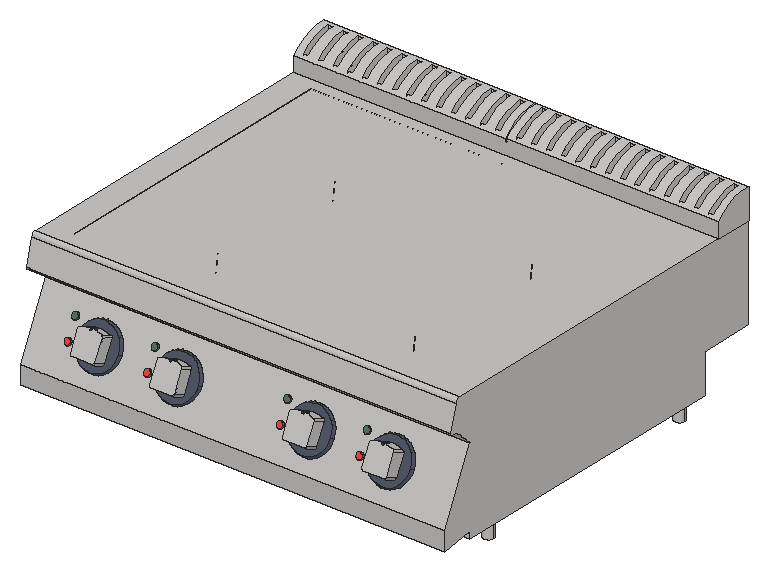
Revit family "QF_ZANUSSI_372176_Z7INEH400P", category Specialty Equipment, Revit 2018
Family settings
  Round Connector Dimension = Use Diameter
  Part Type = Normal
  Work Plane-Based = No
  Always vertical = Yes
  Cut with Voids When Loaded = No
  Shared = No
  Room Calculation Point = No
Parameters
  Width = 800 mm  # constant formula
  Weight in Pounds = 88  # constant formula
  Weight = 0.00 kg
  Watts = 20000 W  # constant formula
  Volts = 400 V  # constant formula
  URL Manufacturer = "http://www.zanussiprofessional.com"
  URL Cutsheet = "www.electrolux.com/foodservice"
  URL = "http://www.zanussiprofessional.com"
  Type Mark [instance] = ""
  Steam Supply Size = 0"
  Steam Supply Minimum Pressure = 0.00 psi
  Steam Supply Maximum Pressure = 0.00 psi
  Steam Pounds per Hour = 0
  Status [instance] = ""
  Specification by User [instance] = ""
  Specification by Manufacturer = ""
  Show Logo [instance] = yes
  Show Clearance [instance] = yes
  Serial Number = ""
  Seismic Rating = ""
  SMACNA No = ""
  Revision Code [instance] = ""
  Refrigeration Suction Line Size = 0"
  Refrigeration Liquid Line Size = 0"
  Refrigerant Compressor Remote = yes
  Phase = 3  # constant formula
  Omniclass Number and Title = ""
  Number of Poles [instance] = 1
  NAFEM Spec ID Number = ""
  Model = "Z7INEH400P"
  Min Ckt Ampacity = 0 A
  Max Overcurrent Protection = 0 A
  Masterspec = ""
  Manufacturer = "Zanussi"
  Length Actual = 800 mm  # constant formula
  Item Number [instance] = "372176"
  Installed By [instance] = ""
  Identify Quantity as Lot [instance] = yes
  Hot Water Size = 0"
  Height Actual = 250 mm  # constant formula
  Height = 332 mm  # constant formula
  HP = "26.8 HP"
  Gas Size = 0"
  Gas KW = 0
  Gas Input = 0.0 Btu/h
  Furnished By [instance] = ""
  Foodservice Equipment Identifier [instance] = yes
  FL Amps = if(Phase = 3, Watts / (Volts * 1.73), Watts / Volts)  # 28.9017 A
  Electrical Remarks [instance] = "400 V/3 ph/50/60 Hz"  # constant formula
  Electric Connection Type [instance] = ""
  Elec Conn RI Height [instance] = 0 mm
  Elec Conn Connection Height [instance] = 0 mm
  Direct Waste Size = 0"
  Description = "ELECTRIC INDUCTION COOKING TOP HP 800 MM"
  Depth Actual = 700 mm  # constant formula
  Depth = 715 mm  # constant formula
  Cycle = if([60 Hertz Option], 60 Hz, 50 Hz)  # 60 Hz
  Conn Plug = ""
  Conn Conduit = yes
  Condensate Return Size = 0"
  Compressed Air Volume = 0 GPM
  Compressed Air Size = 0"
  Compressed Air Pressure = 0.00 psi
  Cold Water Size = 0"
  CSI MasterFormat = ""
  CSI Master Format = ""
  Base Height [instance] = 24 mm  # constant formula
  Apparent Power = if(Phase = 3, Volts * FL Amps * 1.73, Volts * FL Amps)  # 20000 VA
  Accessory = yes
  60 Hertz Option = not([50 Hertz Option])  # yes
  50 Hertz Option = no
Reference planes
  plane 1 "BACK": y = 0
  plane 2: z = 0
  plane 3 "LEFT": x = 0
  plane 4 "RIGHT": x = 800
  plane 5 "FRONT": y = -715
  plane 6 "TOP": z = 332
  plane 7 "Center Y": x = 400
  plane 8 "Center X": y = -357.5
  plane 9 "BASE": z = 24
  plane 10 "TOP A": z = 274
  plane 11: y = -597.884
  plane 12: y = -147.637
Forms (mm)
  Extrusion 1, solid, material "QF_Finishes_Stainless Steel"
    sketch origin (0, 0, 0) x (0, 1, 0) y (0, 0, 1)
      loop
        line (0, 98) -> (0, 274.763) -> (-679.358, 274.763)
        arc (-679.358, 274.763) -> (-684.643, 272.573) -> (-686.833, 267.288) r 7.474
        line (-686.833, 267.288) -> (-699.884, 221.773)
        arc (-699.884, 221.773) -> (-699.396, 219.141) -> (-697, 217.946) r 3
        line (-697, 217.946) -> (-686.802, 217.946) -> (-654.982, 186.127) -> (-715, 64.508) -> (-715, 29.508) -> (-658.645, 37.428)
        arc (-658.645, 37.428) -> (-656.101, 36.674) -> (-655, 34.259) r 3.2
        line (-655, 34.259) -> (-655, 24) -> (-103, 24) -> (-103, 98) -> (0, 98)
    from 0 to 800
  Extrusion 2, void
    sketch origin (0, 0, 274) x (-1, 0, 0) y (0, -1, 0)
      loop
        line (-50, 93.262) -> (-50, 653.262) -> (-750, 653.262) -> (-750, 93.262) -> (-50, 93.262)
    from 0 to -6.35
  Extrusion 3, solid, material "QF_Finishes_Stainless Steel"
    sketch origin (0, 0, 0) x (1, 0, 0) y (0, 1, 0)
      loop
        circle (11.112, -147.638) r 9.525
      loop
        circle (11.112, -597.884) r 9.525
      loop
        circle (788.887, -147.638) r 9.525
      loop
        circle (788.887, -597.884) r 9.525
    from 0 to 24
  Extrusion 4, solid, material "QF_Finishes_Stainless Steel"
    sketch origin (0, -101.6, 101.788) x (0, 0, -1) y (-1, 0, 0)
      loop
        circle (43.882, -736.5) r 12.7
    from 0 to 12.7
  Extrusion 5, solid, material "QF_Finishes_Clearance", visible <- "Show Clearance", detail levels coarse
    sketch origin (0, 0, 0) x (1, 0, 0) y (0, 1, 0)
      loop
        line (0, -715) -> (0, 0) -> (800, 0) -> (800, -715) -> (950.019, -715) -> (950.019, 150.019) -> (-150.019, 150.019) -> (-150.019, -715) -> (0, -715)
    from 0 to 332
  Extrusion 6, solid, material "QF_Finishes_Stainless Steel"
    sketch origin (0, 0, -577) x (0, 1, 0) y (0, 0, 1)
      loop
        line (0, 851) -> (0, 909)
        arc (0, 909) -> (-38.078, 901.641) -> (-69.85, 879.4) r 93.057
        line (-69.85, 879.4) -> (-69.85, 851) -> (0, 851)
    from 0 to 800.1
  Extrusion 7, void
    sketch origin (744.415, 0, 273.238) x (1, 0, 0) y (0, 1, 0)
      loop
        line (42.232, -6.761) -> (32.936, -6.761) -> (32.936, -63.911) -> (42.232, -63.911) -> (42.232, -6.761)
      loop
        line (14.389, -6.761) -> (5.094, -6.761) -> (5.094, -63.911) -> (14.389, -63.911) -> (14.389, -6.761)
      loop
        line (-13.453, -6.761) -> (-22.749, -6.761) -> (-22.749, -63.911) -> (-13.453, -63.911) -> (-13.453, -6.761)
      loop
        line (-41.295, -6.761) -> (-50.591, -6.761) -> (-50.591, -63.911) -> (-41.295, -63.911) -> (-41.295, -6.761)
      loop
        line (-69.137, -6.761) -> (-78.433, -6.761) -> (-78.433, -63.911) -> (-69.137, -63.911) -> (-69.137, -6.761)
      loop
        line (-96.98, -6.761) -> (-106.275, -6.761) -> (-106.275, -63.911) -> (-96.98, -63.911) -> (-96.98, -6.761)
      loop
        line (-124.822, -6.761) -> (-134.118, -6.761) -> (-134.118, -63.911) -> (-124.822, -63.911) -> (-124.822, -6.761)
      loop
        line (-152.664, -6.761) -> (-161.96, -6.761) -> (-161.96, -63.911) -> (-152.664, -63.911) -> (-152.664, -6.761)
      loop
        line (-180.507, -6.761) -> (-189.802, -6.761) -> (-189.802, -63.911) -> (-180.507, -63.911) -> (-180.507, -6.761)
      loop
        line (-208.349, -6.761) -> (-217.645, -6.761) -> (-217.645, -63.911) -> (-208.349, -63.911) -> (-208.349, -6.761)
      loop
        line (-236.191, -6.761) -> (-245.487, -6.761) -> (-245.487, -63.911) -> (-236.191, -63.911) -> (-236.191, -6.761)
      loop
        line (-264.034, -6.761) -> (-273.329, -6.761) -> (-273.329, -63.911) -> (-264.034, -63.911) -> (-264.034, -6.761)
      loop
        line (-359.717, -6.761) -> (-369.013, -6.761) -> (-369.013, -63.911) -> (-359.717, -63.911) -> (-359.717, -6.761)
      loop
        line (-387.559, -6.761) -> (-396.855, -6.761) -> (-396.855, -63.911) -> (-387.559, -63.911) -> (-387.559, -6.761)
      loop
        line (-415.401, -6.761) -> (-424.697, -6.761) -> (-424.697, -63.911) -> (-415.401, -63.911) -> (-415.401, -6.761)
      loop
        line (-443.244, -6.761) -> (-452.539, -6.761) -> (-452.539, -63.911) -> (-443.244, -63.911) -> (-443.244, -6.761)
      loop
        line (-471.086, -6.761) -> (-480.382, -6.761) -> (-480.382, -63.911) -> (-471.086, -63.911) -> (-471.086, -6.761)
      loop
        line (-498.928, -6.761) -> (-508.224, -6.761) -> (-508.224, -63.911) -> (-498.928, -63.911) -> (-498.928, -6.761)
      loop
        line (-526.771, -6.761) -> (-536.066, -6.761) -> (-536.066, -63.911) -> (-526.771, -63.911) -> (-526.771, -6.761)
      loop
        line (-554.613, -6.761) -> (-563.909, -6.761) -> (-563.909, -63.911) -> (-554.613, -63.911) -> (-554.613, -6.761)
      loop
        line (-582.455, -6.761) -> (-591.751, -6.761) -> (-591.751, -63.911) -> (-582.455, -63.911) -> (-582.455, -6.761)
      loop
        line (-610.298, -6.761) -> (-619.593, -6.761) -> (-619.593, -63.911) -> (-610.298, -63.911) -> (-610.298, -6.761)
      loop
        line (-638.14, -6.761) -> (-647.436, -6.761) -> (-647.436, -63.911) -> (-638.14, -63.911) -> (-638.14, -6.761)
      loop
        line (-665.982, -6.761) -> (-675.278, -6.761) -> (-675.278, -63.911) -> (-665.982, -63.911) -> (-665.982, -6.761)
      loop
        line (-693.825, -6.761) -> (-703.12, -6.761) -> (-703.12, -63.911) -> (-693.825, -63.911) -> (-693.825, -6.761)
      loop
        line (-721.667, -6.761) -> (-730.963, -6.761) -> (-730.963, -63.911) -> (-721.667, -63.911) -> (-721.667, -6.761)
      loop
        line (-291.876, -6.761) -> (-301.172, -6.761) -> (-301.172, -63.911) -> (-291.876, -63.911) -> (-291.876, -6.761)
      loop
        line (-319.718, -6.761) -> (-329.014, -6.761) -> (-329.014, -63.911) -> (-319.718, -63.911) -> (-319.718, -6.761)
    from 25.4 to 63.5
  Extrusion 8, void
    sketch origin (418.151, 0, 273.238) x (1, 0, 0) y (0, 1, 0)
      loop
        line (-16.513, 0) -> (-19.688, 0) -> (-19.688, -69.85) -> (-16.513, -69.85) -> (-16.513, 0)
    from 25.4 to 63.5
  Blend 9, solid, material "QF_Finishes_Navy Blue"
    base sketch origin (125, -684.991, 125.317) x (1, 0, 0) y (0, 0.444781, 0.895639)
      loop
        circle (0, 0) r 42.5
    top sketch origin (125, -684.991, 125.317) x (1, 0, 0) y (0, 0.444781, 0.895639)
      loop
        circle (0, 0) r 40.5
    from 0 to 5
  Extrusion 10, solid, material "QF_Finishes_Stainless Steel"
    sketch origin (125, -684.991, 125.317) x (1, 0, 0) y (0, 0.444781, 0.895639)
      loop
        arc (-21.147, 22.789) -> (-22.494, 21.685) -> (-23, 20.019) r 2.997
        line (-23, 20.019) -> (-23, -20.019)
        arc (-23, -20.019) -> (-22.122, -22.138) -> (-20.003, -23.016) r 2.997
        line (-20.003, -23.016) -> (20.003, -23.016)
        arc (20.003, -23.016) -> (22.122, -22.138) -> (23, -20.019) r 2.997
        line (23, -20.019) -> (23, 20.019)
        arc (23, 20.019) -> (22.494, 21.685) -> (21.147, 22.789) r 2.997
        arc (21.147, 22.789) -> (0, 26.984) -> (-21.147, 22.789) r 55.4
    from 10 to 34
  Extrusion 11, solid, material "QF_Plastic-Black-Matte"
    sketch origin (205, -684.991, 125.317) x (0, 0.444781, 0.895639) y (0, -0.895639, 0.444781)
      loop
        line (26.984, 34) -> (26.984, 19) -> (27.984, 19) -> (27.984, 34)
        arc (27.984, 34) -> (27.691, 34.707) -> (26.984, 35) r 1
        line (26.984, 35) -> (23.984, 35) -> (23.984, 34) -> (26.984, 34)
    from -81 to -79
  Extrusion 12, solid, material "QF_Finishes_Red"
    sketch origin (125, -689.439, 116.361) x (1, 0, 0) y (0, 0.444781, 0.895639)
      loop
        circle (-55.001, 0) r 6
    from 0 to 1.6
  Extrusion 13, solid, material "QF_Finishes_Stainless Steel"
    sketch origin (125, -684.991, 125.317) x (1, 0, 0) y (0, 0.444781, 0.895639)
      loop
        line (17.5, 17.5) -> (-17.5, 17.5) -> (-17.5, -17.5) -> (17.5, -17.5) -> (17.5, 17.5)
    from 5 to 10
  Blend 14, solid, material "QF_Finishes_Navy Blue"
    base sketch origin (275, -684.991, 125.317) x (1, 0, 0) y (0, 0.444781, 0.895639)
      loop
        circle (0, 0) r 42.5
    top sketch origin (275, -684.991, 125.317) x (1, 0, 0) y (0, 0.444781, 0.895639)
      loop
        circle (0, 0) r 40.5
    from 0 to 5
  Extrusion 15, solid, material "QF_Finishes_Stainless Steel"
    sketch origin (275, -684.991, 125.317) x (1, 0, 0) y (0, 0.444781, 0.895639)
      loop
        arc (-21.147, 22.789) -> (-22.494, 21.685) -> (-23, 20.019) r 2.997
        line (-23, 20.019) -> (-23, -20.019)
        arc (-23, -20.019) -> (-22.122, -22.138) -> (-20.003, -23.016) r 2.997
        line (-20.003, -23.016) -> (20.003, -23.016)
        arc (20.003, -23.016) -> (22.122, -22.138) -> (23, -20.019) r 2.997
        line (23, -20.019) -> (23, 20.019)
        arc (23, 20.019) -> (22.494, 21.685) -> (21.147, 22.789) r 2.997
        arc (21.147, 22.789) -> (0, 26.984) -> (-21.147, 22.789) r 55.4
    from 10 to 34
  Extrusion 16, solid, material "QF_Finishes_Stainless Steel"
    sketch origin (275, -684.991, 125.317) x (1, 0, 0) y (0, 0.444781, 0.895639)
      loop
        line (17.5, 17.5) -> (-17.5, 17.5) -> (-17.5, -17.5) -> (17.5, -17.5) -> (17.5, 17.5)
    from 5 to 10
  Extrusion 17, solid, material "QF_Plastic-Black-Matte"
    sketch origin (195, -684.991, 125.317) x (0, 0.444781, 0.895639) y (0, 0.895639, -0.444781)
      loop
        line (26.984, -34) -> (23.984, -34) -> (23.984, -35) -> (26.984, -35)
        arc (26.984, -35) -> (27.691, -34.707) -> (27.984, -34) r 1
        line (27.984, -34) -> (27.984, -19) -> (26.984, -19) -> (26.984, -34)
    from -81 to -79
  Extrusion 18, solid, material "QF_Finishes_DarkGreen"
    sketch origin (125, -671.648, 152.187) x (1, 0, 0) y (0, 0.444781, 0.895639)
      loop
        circle (-55.001, 0) r 6
    from 0 to 1.6
  Extrusion 19, solid, material "QF_Finishes_Red"
    sketch origin (275, -689.439, 116.361) x (1, 0, 0) y (0, 0.444781, 0.895639)
      loop
        circle (-55.001, 0) r 6
    from 0 to 1.6
  Extrusion 20, solid, material "QF_Finishes_DarkGreen"
    sketch origin (275, -671.648, 152.187) x (1, 0, 0) y (0, 0.444781, 0.895639)
      loop
        circle (-55.001, 0) r 6
    from 0 to 1.6
  Blend 21, solid, material "QF_Finishes_Navy Blue"
    base sketch origin (525, -684.991, 125.317) x (1, 0, 0) y (0, 0.444781, 0.895639)
      loop
        circle (0, 0) r 42.5
    top sketch origin (525, -684.991, 125.317) x (1, 0, 0) y (0, 0.444781, 0.895639)
      loop
        circle (0, 0) r 40.5
    from 0 to 5
  Extrusion 22, solid, material "QF_Finishes_Stainless Steel"
    sketch origin (525, -684.991, 125.317) x (1, 0, 0) y (0, 0.444781, 0.895639)
      loop
        arc (-21.147, 22.789) -> (-22.494, 21.685) -> (-23, 20.019) r 2.997
        line (-23, 20.019) -> (-23, -20.019)
        arc (-23, -20.019) -> (-22.122, -22.138) -> (-20.003, -23.016) r 2.997
        line (-20.003, -23.016) -> (20.003, -23.016)
        arc (20.003, -23.016) -> (22.122, -22.138) -> (23, -20.019) r 2.997
        line (23, -20.019) -> (23, 20.019)
        arc (23, 20.019) -> (22.494, 21.685) -> (21.147, 22.789) r 2.997
        arc (21.147, 22.789) -> (0, 26.984) -> (-21.147, 22.789) r 55.4
    from 10 to 34
  Extrusion 23, solid, material "QF_Plastic-Black-Matte"
    sketch origin (605, -684.991, 125.317) x (0, 0.444781, 0.895639) y (0, -0.895639, 0.444781)
      loop
        line (26.984, 34) -> (26.984, 19) -> (27.984, 19) -> (27.984, 34)
        arc (27.984, 34) -> (27.691, 34.707) -> (26.984, 35) r 1
        line (26.984, 35) -> (23.984, 35) -> (23.984, 34) -> (26.984, 34)
    from -81 to -79
  Extrusion 24, solid, material "QF_Finishes_Red"
    sketch origin (525, -689.439, 116.361) x (1, 0, 0) y (0, 0.444781, 0.895639)
      loop
        circle (-55.001, 0) r 6
    from 0 to 1.6
  Extrusion 25, solid, material "QF_Finishes_Stainless Steel"
    sketch origin (525, -684.991, 125.317) x (1, 0, 0) y (0, 0.444781, 0.895639)
      loop
        line (17.5, 17.5) -> (-17.5, 17.5) -> (-17.5, -17.5) -> (17.5, -17.5) -> (17.5, 17.5)
    from 5 to 10
  Blend 26, solid, material "QF_Finishes_Navy Blue"
    base sketch origin (675, -684.991, 125.317) x (1, 0, 0) y (0, 0.444781, 0.895639)
      loop
        circle (0, 0) r 42.5
    top sketch origin (675, -684.991, 125.317) x (1, 0, 0) y (0, 0.444781, 0.895639)
      loop
        circle (0, 0) r 40.5
    from 0 to 5
  Extrusion 27, solid, material "QF_Finishes_Stainless Steel"
    sketch origin (675, -684.991, 125.317) x (1, 0, 0) y (0, 0.444781, 0.895639)
      loop
        arc (-21.147, 22.789) -> (-22.494, 21.685) -> (-23, 20.019) r 2.997
        line (-23, 20.019) -> (-23, -20.019)
        arc (-23, -20.019) -> (-22.122, -22.138) -> (-20.003, -23.016) r 2.997
        line (-20.003, -23.016) -> (20.003, -23.016)
        arc (20.003, -23.016) -> (22.122, -22.138) -> (23, -20.019) r 2.997
        line (23, -20.019) -> (23, 20.019)
        arc (23, 20.019) -> (22.494, 21.685) -> (21.147, 22.789) r 2.997
        arc (21.147, 22.789) -> (0, 26.984) -> (-21.147, 22.789) r 55.4
    from 10 to 34
  Extrusion 28, solid, material "QF_Finishes_Stainless Steel"
    sketch origin (675, -684.991, 125.317) x (1, 0, 0) y (0, 0.444781, 0.895639)
      loop
        line (17.5, 17.5) -> (-17.5, 17.5) -> (-17.5, -17.5) -> (17.5, -17.5) -> (17.5, 17.5)
    from 5 to 10
  Extrusion 29, solid, material "QF_Plastic-Black-Matte"
    sketch origin (595, -684.991, 125.317) x (0, 0.444781, 0.895639) y (0, 0.895639, -0.444781)
      loop
        line (26.984, -34) -> (23.984, -34) -> (23.984, -35) -> (26.984, -35)
        arc (26.984, -35) -> (27.691, -34.707) -> (27.984, -34) r 1
        line (27.984, -34) -> (27.984, -19) -> (26.984, -19) -> (26.984, -34)
    from -81 to -79
  Extrusion 30, solid, material "QF_Finishes_DarkGreen"
    sketch origin (525, -671.648, 152.187) x (1, 0, 0) y (0, 0.444781, 0.895639)
      loop
        circle (-55.001, 0) r 6
    from 0 to 1.6
  Extrusion 31, solid, material "QF_Finishes_Red"
    sketch origin (675, -689.439, 116.361) x (1, 0, 0) y (0, 0.444781, 0.895639)
      loop
        circle (-55.001, 0) r 6
    from 0 to 1.6
  Extrusion 32, solid, material "QF_Finishes_DarkGreen"
    sketch origin (675, -671.648, 152.187) x (1, 0, 0) y (0, 0.444781, 0.895639)
      loop
        circle (-55.001, 0) r 6
    from 0 to 1.6
Cuts and joins
  Extrusion 2, Extrusion 7, Extrusion 8 cuts Extrusion 1
  Extrusion 7 cuts Extrusion 5
  Extrusion 7, Extrusion 8 cuts Extrusion 6
Lines and regions (mm)
  Split face 1
    outline origin (125.901, -689.469, 127.541) x (1, 0, 0) y (0, 0.444781, 0.895639)
      loop
        line (-8.901, 38.561) -> (-8.901, 28.561) -> (-2.901, 28.561) -> (-2.901, 38.561) -> (-8.901, 38.561)
  Split face 2
    outline origin (125.901, -689.469, 127.541) x (1, 0, 0) y (0, 0.444781, 0.895639)
      loop
        line (-8.401, 38.061) -> (-8.401, 29.061) -> (-3.401, 29.061) -> (-3.401, 38.061) -> (-8.401, 38.061)
  Split face 3
    outline origin (125.901, -689.469, 127.541) x (1, 0, 0) y (0, 0.444781, 0.895639)
      loop
        line (-8.401, 34.061) -> (-3.401, 34.061)
  Split face 4
    outline origin (125.901, -689.469, 127.541) x (1, 0, 0) y (0, 0.444781, 0.895639)
      loop
        line (-8.401, 33.561) -> (-3.401, 33.561)
  Split face 5
    outline origin (125.901, -689.469, 127.541) x (1, 0, 0) y (0, 0.444781, 0.895639)
      loop
        circle (-5.901, 31.311) r 2.029
  Split face 6
    outline origin (126.664, -684.796, 136.951) x (1, 0, 0) y (0, 0.444781, 0.895639)
      loop
        circle (-34, 0) r 1.5
  Split face 7
    outline origin (123.297, -687.581, 131.344) x (1, 0, 0) y (0, 0.444781, 0.895639)
      loop
        circle (-30.633, -14.752) r 1.5
  Split face 8
    outline origin (126.214, -689.88, 126.713) x (1, 0, 0) y (0, 0.444781, 0.895639)
      loop
        circle (-21.199, -26.582) r 1.5
  Split face 9
    outline origin (132.566, -689.848, 126.778) x (1, 0, 0) y (0, 0.444781, 0.895639)
      loop
        circle (-7.566, -33.148) r 1.5
  Split face 10
    outline origin (137.419, -686.96, 132.594) x (1, 0, 0) y (0, 0.444781, 0.895639)
      loop
        circle (7.566, -33.148) r 1.5
  Split face 11
    outline origin (136.137, -682.319, 141.939) x (1, 0, 0) y (0, 0.444781, 0.895639)
      loop
        circle (21.199, -26.582) r 1.5
  Split face 12
    outline origin (126.5, -678.264, 150.105) x (1, 0, 0) y (0, 0.444781, 0.895639)
      loop
        circle (30.633, -14.752) r 1.5
  Split face 13
    outline origin (110.985, -677.235, 152.177) x (1, 0, 0) y (0, 0.444781, 0.895639)
      loop
        circle (34, 0) r 1.5
  Split face 14
    outline origin (126.214, -689.058, 128.369) x (1, 0, 0) y (0, 0.444781, 0.895639)
      loop
        circle (-21.199, 26.582) r 1.5
  Split face 15
    outline origin (276.664, -684.796, 136.951) x (1, 0, 0) y (0, 0.444781, 0.895639)
      loop
        circle (-34, 0) r 1.5
  Split face 16
    outline origin (273.297, -687.581, 131.344) x (1, 0, 0) y (0, 0.444781, 0.895639)
      loop
        circle (-30.633, -14.752) r 1.5
  Split face 17
    outline origin (276.214, -689.88, 126.713) x (1, 0, 0) y (0, 0.444781, 0.895639)
      loop
        circle (-21.199, -26.582) r 1.5
  Split face 18
    outline origin (282.566, -689.848, 126.778) x (1, 0, 0) y (0, 0.444781, 0.895639)
      loop
        circle (-7.566, -33.148) r 1.5
  Split face 19
    outline origin (287.419, -686.96, 132.594) x (1, 0, 0) y (0, 0.444781, 0.895639)
      loop
        circle (7.566, -33.148) r 1.5
  Split face 20
    outline origin (286.137, -682.319, 141.939) x (1, 0, 0) y (0, 0.444781, 0.895639)
      loop
        circle (21.199, -26.582) r 1.5
  Split face 21
    outline origin (276.703, -678.235, 150.164) x (1, 0, 0) y (0, 0.444781, 0.895639)
      loop
        circle (30.633, -14.752) r 1.5
  Split face 22
    outline origin (260.985, -677.235, 152.177) x (1, 0, 0) y (0, 0.444781, 0.895639)
      loop
        circle (34, 0) r 1.5
  Split face 23
    outline origin (276.214, -689.058, 128.369) x (1, 0, 0) y (0, 0.444781, 0.895639)
      loop
        circle (-21.199, 26.582) r 1.5
  Split face 24
    outline origin (269, -689.469, 127.541) x (1, 0, 0) y (0, 0.444781, 0.895639)
      loop
        line (-3, 38.561) -> (-3, 28.561) -> (3, 28.561) -> (3, 38.561) -> (-3, 38.561)
  Split face 25
    outline origin (269, -689.469, 127.541) x (1, 0, 0) y (0, 0.444781, 0.895639)
      loop
        line (-2.5, 38.061) -> (-2.5, 29.061) -> (2.5, 29.061) -> (2.5, 38.061) -> (-2.5, 38.061)
  Split face 26
    outline origin (269, -689.469, 127.541) x (1, 0, 0) y (0, 0.444781, 0.895639)
      loop
        line (-2.5, 33.561) -> (2.5, 33.561)
  Split face 27
    outline origin (269, -689.469, 127.541) x (1, 0, 0) y (0, 0.444781, 0.895639)
      loop
        line (-2.5, 33.061) -> (2.5, 33.061)
  Split face 28
    outline origin (269, -689.469, 127.541) x (1, 0, 0) y (0, 0.444781, 0.895639)
      loop
        circle (0, 35.811) r 2.031
  Split face 29
    outline origin (125, -689.469, 127.541) x (1, 0, 0) y (0, 0.444781, 0.895639)
      loop
        circle (0, 33.561) r 1.5
  Split face 30
    outline origin (275, -689.469, 127.541) x (1, 0, 0) y (0, 0.444781, 0.895639)
      loop
        circle (0, 34) r 1.5
  Split face 31
    outline origin (525.901, -689.469, 127.541) x (1, 0, 0) y (0, 0.444781, 0.895639)
      loop
        line (-8.901, 38.561) -> (-8.901, 28.561) -> (-2.901, 28.561) -> (-2.901, 38.561) -> (-8.901, 38.561)
  Split face 32
    outline origin (525.901, -689.469, 127.541) x (1, 0, 0) y (0, 0.444781, 0.895639)
      loop
        line (-8.401, 38.061) -> (-8.401, 29.061) -> (-3.401, 29.061) -> (-3.401, 38.061) -> (-8.401, 38.061)
  Split face 33
    outline origin (525.901, -689.469, 127.541) x (1, 0, 0) y (0, 0.444781, 0.895639)
      loop
        line (-8.401, 34.061) -> (-3.401, 34.061)
  Split face 34
    outline origin (525.901, -689.469, 127.541) x (1, 0, 0) y (0, 0.444781, 0.895639)
      loop
        line (-8.401, 33.561) -> (-3.401, 33.561)
  Split face 35
    outline origin (525.901, -689.469, 127.541) x (1, 0, 0) y (0, 0.444781, 0.895639)
      loop
        circle (-5.901, 31.311) r 2.029
  Split face 36
    outline origin (526.664, -684.796, 136.951) x (1, 0, 0) y (0, 0.444781, 0.895639)
      loop
        circle (-34, 0) r 1.5
  Split face 37
    outline origin (523.297, -687.581, 131.344) x (1, 0, 0) y (0, 0.444781, 0.895639)
      loop
        circle (-30.633, -14.752) r 1.5
  Split face 38
    outline origin (526.214, -689.88, 126.713) x (1, 0, 0) y (0, 0.444781, 0.895639)
      loop
        circle (-21.199, -26.582) r 1.5
  Split face 39
    outline origin (532.566, -689.848, 126.778) x (1, 0, 0) y (0, 0.444781, 0.895639)
      loop
        circle (-7.566, -33.148) r 1.5
  Split face 40
    outline origin (537.419, -686.96, 132.594) x (1, 0, 0) y (0, 0.444781, 0.895639)
      loop
        circle (7.566, -33.148) r 1.5
  Split face 41
    outline origin (536.137, -682.319, 141.939) x (1, 0, 0) y (0, 0.444781, 0.895639)
      loop
        circle (21.199, -26.582) r 1.5
  Split face 42
    outline origin (526.5, -678.264, 150.105) x (1, 0, 0) y (0, 0.444781, 0.895639)
      loop
        circle (30.633, -14.752) r 1.5
  Split face 43
    outline origin (510.985, -677.235, 152.177) x (1, 0, 0) y (0, 0.444781, 0.895639)
      loop
        circle (34, 0) r 1.5
  Split face 44
    outline origin (526.214, -689.058, 128.369) x (1, 0, 0) y (0, 0.444781, 0.895639)
      loop
        circle (-21.199, 26.582) r 1.5
  Split face 45
    outline origin (676.664, -684.796, 136.951) x (1, 0, 0) y (0, 0.444781, 0.895639)
      loop
        circle (-34, 0) r 1.5
  Split face 46
    outline origin (673.297, -687.581, 131.344) x (1, 0, 0) y (0, 0.444781, 0.895639)
      loop
        circle (-30.633, -14.752) r 1.5
  Split face 47
    outline origin (676.214, -689.88, 126.713) x (1, 0, 0) y (0, 0.444781, 0.895639)
      loop
        circle (-21.199, -26.582) r 1.5
  Split face 48
    outline origin (682.566, -689.848, 126.778) x (1, 0, 0) y (0, 0.444781, 0.895639)
      loop
        circle (-7.566, -33.148) r 1.5
  Split face 49
    outline origin (687.419, -686.96, 132.594) x (1, 0, 0) y (0, 0.444781, 0.895639)
      loop
        circle (7.566, -33.148) r 1.5
  Split face 50
    outline origin (686.137, -682.319, 141.939) x (1, 0, 0) y (0, 0.444781, 0.895639)
      loop
        circle (21.199, -26.582) r 1.5
  Split face 51
    outline origin (676.703, -678.235, 150.164) x (1, 0, 0) y (0, 0.444781, 0.895639)
      loop
        circle (30.633, -14.752) r 1.5
  Split face 52
    outline origin (660.985, -677.235, 152.177) x (1, 0, 0) y (0, 0.444781, 0.895639)
      loop
        circle (34, 0) r 1.5
  Split face 53
    outline origin (676.214, -689.058, 128.369) x (1, 0, 0) y (0, 0.444781, 0.895639)
      loop
        circle (-21.199, 26.582) r 1.5
  Split face 54
    outline origin (669, -689.469, 127.541) x (1, 0, 0) y (0, 0.444781, 0.895639)
      loop
        line (-3, 38.561) -> (-3, 28.561) -> (3, 28.561) -> (3, 38.561) -> (-3, 38.561)
  Split face 55
    outline origin (669, -689.469, 127.541) x (1, 0, 0) y (0, 0.444781, 0.895639)
      loop
        line (-2.5, 38.061) -> (-2.5, 29.061) -> (2.5, 29.061) -> (2.5, 38.061) -> (-2.5, 38.061)
  Split face 56
    outline origin (669, -689.469, 127.541) x (1, 0, 0) y (0, 0.444781, 0.895639)
      loop
        line (-2.5, 33.561) -> (2.5, 33.561)
  Split face 57
    outline origin (669, -689.469, 127.541) x (1, 0, 0) y (0, 0.444781, 0.895639)
      loop
        line (-2.5, 33.061) -> (2.5, 33.061)
  Split face 58
    outline origin (669, -689.469, 127.541) x (1, 0, 0) y (0, 0.444781, 0.895639)
      loop
        circle (0, 35.811) r 2.031
  Split face 59
    outline origin (525, -689.469, 127.541) x (1, 0, 0) y (0, 0.444781, 0.895639)
      loop
        circle (0, 33.561) r 1.5
  Split face 60
    outline origin (675, -689.469, 127.541) x (1, 0, 0) y (0, 0.444781, 0.895639)
      loop
        circle (0, 34) r 1.5
  symbolic lines, style "QF-Clearances", visible <- "Show Clearance", detail levels coarse
    curve 1: line (-150.019, 150.019, 274) -> (-150.019, -716.377, 274)
    curve 2: line (950.019, 150.019, 274) -> (-150.019, 150.019, 274)
    curve 3: line (950.019, -716.377, 274) -> (950.019, 150.019, 274)
  symbolic lines
    curve 4: line (0, 0, 274) -> (800, 0, 274)
    curve 5: line (0, -715, 274) -> (0, 0, 274)
    curve 6: line (800, 0, 274) -> (800, -715, 274)
    curve 7: line (231.725, -69.85, 274) -> (0, -69.85, 274)
    curve 8: line (0, -69.85, 274) -> (0, -120.65, 274)
    curve 9: line (0, -69.85, 274) -> (398.578, -69.85, 274)
    curve 10: line (726.512, -356.903, 267.65) -> (738.006, -356.903, 267.65)
    curve 11: line (726.512, -389.159, 267.65) -> (726.512, -356.903, 267.65)
    curve 12: line (738.006, -389.159, 267.65) -> (726.512, -389.159, 267.65)
    curve 13: line (738.006, -356.903, 267.65) -> (738.006, -389.159, 267.65)
    curve 14: line (50, -653.262, 267.65) -> (50, -93.262, 267.65)
    curve 15: line (50, -93.262, 267.65) -> (750, -93.262, 267.65)
    curve 16: line (750, -93.262, 267.65) -> (750, -653.262, 267.65)
    curve 17: line (750, -653.262, 267.65) -> (50, -653.262, 267.65)
    curve 18: line (13.453, -63.911, 266.888) -> (13.453, -6.761, 266.888)
    curve 19: line (13.453, -6.761, 266.888) -> (22.749, -6.761, 266.888)
    curve 20: line (22.749, -6.761, 266.888) -> (22.749, -63.911, 266.888)
    curve 21: line (22.749, -63.911, 266.888) -> (13.453, -63.911, 266.888)
    curve 22: line (375.403, -63.911, 266.887) -> (375.403, -6.761, 266.887)
    curve 23: line (375.403, -6.761, 266.887) -> (384.699, -6.761, 266.887)
    curve 24: line (384.699, -6.761, 266.887) -> (384.699, -63.911, 266.887)
    curve 25: line (384.699, -63.911, 266.887) -> (375.403, -63.911, 266.887)
    curve 26: line (41.295, -63.911, 266.888) -> (41.295, -6.761, 266.888)
    curve 27: line (41.295, -6.761, 266.888) -> (50.591, -6.761, 266.888)
    curve 28: line (50.591, -6.761, 266.888) -> (50.591, -63.911, 266.888)
    curve 29: line (50.591, -63.911, 266.888) -> (41.295, -63.911, 266.888)
    curve 30: line (69.137, -63.911, 266.888) -> (69.137, -6.761, 266.888)
    curve 31: line (69.137, -6.761, 266.888) -> (78.433, -6.761, 266.888)
    curve 32: line (78.433, -6.761, 266.888) -> (78.433, -63.911, 266.888)
    curve 33: line (78.433, -63.911, 266.888) -> (69.137, -63.911, 266.888)
    curve 34: line (96.98, -63.911, 266.888) -> (96.98, -6.761, 266.888)
    curve 35: line (96.98, -6.761, 266.888) -> (106.275, -6.761, 266.888)
    curve 36: line (106.275, -6.761, 266.888) -> (106.275, -63.911, 266.888)
    curve 37: line (106.275, -63.911, 266.888) -> (96.98, -63.911, 266.888)
    curve 38: line (124.822, -63.911, 266.888) -> (124.822, -6.761, 266.888)
    curve 39: line (124.822, -6.761, 266.888) -> (134.118, -6.761, 266.888)
    curve 40: line (134.118, -6.761, 266.888) -> (134.118, -63.911, 266.888)
    curve 41: line (134.118, -63.911, 266.888) -> (124.822, -63.911, 266.888)
    curve 42: line (152.664, -63.911, 266.888) -> (152.664, -6.761, 266.888)
    curve 43: line (152.664, -6.761, 266.888) -> (161.96, -6.761, 266.888)
    curve 44: line (161.96, -6.761, 266.888) -> (161.96, -63.911, 266.888)
    curve 45: line (161.96, -63.911, 266.888) -> (152.664, -63.911, 266.888)
    curve 46: line (180.507, -63.911, 266.888) -> (180.507, -6.761, 266.888)
    curve 47: line (180.507, -6.761, 266.888) -> (189.802, -6.761, 266.888)
    curve 48: line (189.802, -6.761, 266.888) -> (189.802, -63.911, 266.888)
    curve 49: line (189.802, -63.911, 266.888) -> (180.507, -63.911, 266.888)
    curve 50: line (208.349, -63.911, 266.888) -> (208.349, -6.761, 266.888)
    curve 51: line (208.349, -6.761, 266.888) -> (217.645, -6.761, 266.888)
    curve 52: line (217.645, -6.761, 266.888) -> (217.645, -63.911, 266.888)
    curve 53: line (217.645, -63.911, 266.888) -> (208.349, -63.911, 266.888)
    curve 54: line (236.191, -63.911, 266.888) -> (236.191, -6.761, 266.888)
    curve 55: line (236.191, -6.761, 266.888) -> (245.487, -6.761, 266.888)
    curve 56: line (245.487, -6.761, 266.888) -> (245.487, -63.911, 266.888)
    curve 57: line (245.487, -63.911, 266.888) -> (236.191, -63.911, 266.888)
    curve 58: line (264.034, -63.911, 266.888) -> (264.034, -6.761, 266.888)
    curve 59: line (264.034, -6.761, 266.888) -> (273.329, -6.761, 266.888)
    curve 60: line (273.329, -6.761, 266.888) -> (273.329, -63.911, 266.888)
    curve 61: line (273.329, -63.911, 266.888) -> (264.034, -63.911, 266.888)
    curve 62: line (291.876, -63.911, 266.888) -> (291.876, -6.761, 266.888)
    curve 63: line (291.876, -6.761, 266.888) -> (301.172, -6.761, 266.888)
    curve 64: line (301.172, -6.761, 266.888) -> (301.172, -63.911, 266.888)
    curve 65: line (301.172, -63.911, 266.888) -> (291.876, -63.911, 266.888)
    curve 66: line (319.718, -63.911, 266.888) -> (319.718, -6.761, 266.888)
    curve 67: line (319.718, -6.761, 266.888) -> (329.014, -6.761, 266.888)
    curve 68: line (329.014, -6.761, 266.888) -> (329.014, -63.911, 266.888)
    curve 69: line (329.014, -63.911, 266.888) -> (319.718, -63.911, 266.888)
    curve 70: line (347.561, -63.911, 266.888) -> (347.561, -6.761, 266.888)
    curve 71: line (347.561, -6.761, 266.888) -> (356.856, -6.761, 266.888)
    curve 72: line (356.856, -6.761, 266.888) -> (356.856, -63.911, 266.888)
    curve 73: line (356.856, -63.911, 266.888) -> (347.561, -63.911, 266.888)
    curve 74: line (786.547, -63.911, 266.888) -> (786.547, -6.761, 266.888)
    curve 75: line (786.547, -6.761, 266.888) -> (777.251, -6.761, 266.888)
    curve 76: line (777.251, -6.761, 266.888) -> (777.251, -63.911, 266.888)
    curve 77: line (777.251, -63.911, 266.888) -> (786.547, -63.911, 266.888)
    curve 78: line (424.597, -63.911, 266.887) -> (424.597, -6.761, 266.887)
    curve 79: line (424.597, -6.761, 266.887) -> (415.301, -6.761, 266.887)
    curve 80: line (415.301, -6.761, 266.887) -> (415.301, -63.911, 266.887)
    curve 81: line (415.301, -63.911, 266.887) -> (424.597, -63.911, 266.887)
    curve 82: line (758.705, -63.911, 266.888) -> (758.705, -6.761, 266.888)
    curve 83: line (758.705, -6.761, 266.888) -> (749.409, -6.761, 266.888)
    curve 84: line (749.409, -6.761, 266.888) -> (749.409, -63.911, 266.888)
    curve 85: line (749.409, -63.911, 266.888) -> (758.705, -63.911, 266.888)
    curve 86: line (730.863, -63.911, 266.888) -> (730.863, -6.761, 266.888)
    curve 87: line (730.863, -6.761, 266.888) -> (721.567, -6.761, 266.888)
    curve 88: line (721.567, -6.761, 266.888) -> (721.567, -63.911, 266.888)
    curve 89: line (721.567, -63.911, 266.888) -> (730.863, -63.911, 266.888)
    curve 90: line (703.02, -63.911, 266.888) -> (703.02, -6.761, 266.888)
    curve 91: line (703.02, -6.761, 266.888) -> (693.725, -6.761, 266.888)
    curve 92: line (693.725, -6.761, 266.888) -> (693.725, -63.911, 266.888)
    curve 93: line (693.725, -63.911, 266.888) -> (703.02, -63.911, 266.888)
    curve 94: line (675.178, -63.911, 266.888) -> (675.178, -6.761, 266.888)
    curve 95: line (675.178, -6.761, 266.888) -> (665.882, -6.761, 266.888)
    curve 96: line (665.882, -6.761, 266.888) -> (665.882, -63.911, 266.888)
    curve 97: line (665.882, -63.911, 266.888) -> (675.178, -63.911, 266.888)
    curve 98: line (647.336, -63.911, 266.888) -> (647.336, -6.761, 266.888)
    curve 99: line (647.336, -6.761, 266.888) -> (638.04, -6.761, 266.888)
    curve 100: line (638.04, -6.761, 266.888) -> (638.04, -63.911, 266.888)
    curve 101: line (638.04, -63.911, 266.888) -> (647.336, -63.911, 266.888)
    curve 102: line (619.493, -63.911, 266.888) -> (619.493, -6.761, 266.888)
    curve 103: line (619.493, -6.761, 266.888) -> (610.198, -6.761, 266.888)
    curve 104: line (610.198, -6.761, 266.888) -> (610.198, -63.911, 266.888)
    curve 105: line (610.198, -63.911, 266.888) -> (619.493, -63.911, 266.888)
    curve 106: line (591.651, -63.911, 266.888) -> (591.651, -6.761, 266.888)
    curve 107: line (591.651, -6.761, 266.888) -> (582.355, -6.761, 266.888)
    curve 108: line (582.355, -6.761, 266.888) -> (582.355, -63.911, 266.888)
    curve 109: line (582.355, -63.911, 266.888) -> (591.651, -63.911, 266.888)
    curve 110: line (563.809, -63.911, 266.888) -> (563.809, -6.761, 266.888)
    curve 111: line (563.809, -6.761, 266.888) -> (554.513, -6.761, 266.888)
    curve 112: line (554.513, -6.761, 266.888) -> (554.513, -63.911, 266.888)
    curve 113: line (554.513, -63.911, 266.888) -> (563.809, -63.911, 266.888)
    curve 114: line (535.966, -63.911, 266.888) -> (535.966, -6.761, 266.888)
    curve 115: line (535.966, -6.761, 266.888) -> (526.671, -6.761, 266.888)
    curve 116: line (526.671, -6.761, 266.888) -> (526.671, -63.911, 266.888)
    curve 117: line (526.671, -63.911, 266.888) -> (535.966, -63.911, 266.888)
    curve 118: line (508.124, -63.911, 266.888) -> (508.124, -6.761, 266.888)
    curve 119: line (508.124, -6.761, 266.888) -> (498.828, -6.761, 266.888)
    curve 120: line (498.828, -6.761, 266.888) -> (498.828, -63.911, 266.888)
    curve 121: line (498.828, -63.911, 266.888) -> (508.124, -63.911, 266.888)
    curve 122: line (480.282, -63.911, 266.888) -> (480.282, -6.761, 266.888)
    curve 123: line (480.282, -6.761, 266.888) -> (470.986, -6.761, 266.888)
    curve 124: line (470.986, -6.761, 266.888) -> (470.986, -63.911, 266.888)
    curve 125: line (470.986, -63.911, 266.888) -> (480.282, -63.911, 266.888)
    curve 126: line (452.439, -63.911, 266.888) -> (452.439, -6.761, 266.888)
    curve 127: line (452.439, -6.761, 266.888) -> (443.144, -6.761, 266.888)
    curve 128: line (443.144, -6.761, 266.888) -> (443.144, -63.911, 266.888)
    curve 129: line (443.144, -63.911, 266.888) -> (452.439, -63.911, 266.888)
    curve 130: line (401.638, -69.85, 266.887) -> (401.638, 0, 266.887)
    curve 131: line (398.463, 0, 266.887) -> (398.463, -69.85, 266.887)
    curve 132: line (398.578, -69.85, 274) -> (800, -69.85, 274)
    curve 133: line (0, -700, 0) -> (800, -700, 0)
    curve 134: line (102, -700, 0) -> (102, -724.347, 0)
    curve 135: arc (102, -724.347, 0) -> (102.146, -724.811, 0) -> (102.532, -725.107, 0) r 0.809
    curve 136: arc (102.532, -725.107, 0) -> (103.72, -725.587, 0) -> (104.997, -725.68, 0) r 4.127
    curve 137: arc (102, -704.292, 0) -> (96.959, -702.458, 0) -> (92.191, -700, 0) r 42.24
    curve 138: arc (102, -706.539, 0) -> (102.502, -705.818, 0) -> (103.299, -705.448, 0) r 1.682
    curve 139: arc (103.299, -705.448, 0) -> (113.602, -703.95, 0) -> (124, -703.441, 0) r 109.079
    curve 140: line (124, -700, 0) -> (124, -705.671, 0)
    curve 141: line (124, -705.671, 0) -> (126, -705.671, 0)
    curve 142: line (126, -705.671, 0) -> (126, -700, 0)
    curve 143: line (148, -700, 0) -> (148, -724.347, 0)
    curve 144: arc (148, -724.347, 0) -> (147.854, -724.811, 0) -> (147.468, -725.107, 0) r 0.809
    curve 145: arc (147.468, -725.107, 0) -> (146.28, -725.587, 0) -> (145.003, -725.68, 0) r 4.127
    curve 146: arc (148, -704.292, 0) -> (153.041, -702.458, 0) -> (157.809, -700, 0) r 42.24
    curve 147: arc (148, -706.539, 0) -> (147.498, -705.818, 0) -> (146.701, -705.448, 0) r 1.682
    curve 148: arc (146.701, -705.448, 0) -> (136.398, -703.95, 0) -> (126, -703.441, 0) r 109.079
    curve 149: line (104.997, -725.68, 0) -> (145.003, -725.68, 0)
    curve 150: line (298, -700, 0) -> (298, -724.347, 0)
    curve 151: arc (298, -724.347, 0) -> (297.854, -724.811, 0) -> (297.468, -725.107, 0) r 0.809
    curve 152: arc (297.468, -725.107, 0) -> (296.28, -725.587, 0) -> (295.003, -725.68, 0) r 4.127
    curve 153: arc (298, -704.292, 0) -> (303.041, -702.458, 0) -> (307.809, -700, 0) r 42.24
    curve 154: arc (298, -706.539, 0) -> (297.498, -705.818, 0) -> (296.701, -705.448, 0) r 1.682
    curve 155: arc (296.701, -705.448, 0) -> (286.398, -703.95, 0) -> (276, -703.441, 0) r 109.079
    curve 156: line (276, -700, 0) -> (276, -705.671, 0)
    curve 157: line (276, -705.671, 0) -> (274, -705.671, 0)
    curve 158: line (274, -705.671, 0) -> (274, -700, 0)
    curve 159: line (252, -700, 0) -> (252, -724.347, 0)
    curve 160: arc (252, -724.347, 0) -> (252.146, -724.811, 0) -> (252.532, -725.107, 0) r 0.809
    curve 161: arc (252.532, -725.107, 0) -> (253.72, -725.587, 0) -> (254.997, -725.68, 0) r 4.127
    curve 162: arc (252, -704.292, 0) -> (246.959, -702.458, 0) -> (242.191, -700, 0) r 42.24
    curve 163: arc (252, -706.539, 0) -> (252.502, -705.818, 0) -> (253.299, -705.448, 0) r 1.682
    curve 164: arc (253.299, -705.448, 0) -> (263.602, -703.95, 0) -> (274, -703.441, 0) r 109.079
    curve 165: line (295.003, -725.68, 0) -> (254.997, -725.68, 0)
    curve 166: line (148, -715, 0) -> (252, -715, 0)
    curve 167: line (298, -715, 0) -> (502, -715, 0)
    curve 168: line (0, -715, 0) -> (102, -715, 0)
    curve 169: line (502, -700, 0) -> (502, -724.347, 0)
    curve 170: arc (502, -724.347, 0) -> (502.146, -724.811, 0) -> (502.532, -725.107, 0) r 0.809
    curve 171: arc (502.532, -725.107, 0) -> (503.72, -725.587, 0) -> (504.997, -725.68, 0) r 4.127
    curve 172: arc (502, -704.292, 0) -> (496.959, -702.458, 0) -> (492.191, -700, 0) r 42.24
    curve 173: arc (502, -706.539, 0) -> (502.502, -705.818, 0) -> (503.299, -705.448, 0) r 1.682
    curve 174: arc (503.299, -705.448, 0) -> (513.602, -703.95, 0) -> (524, -703.441, 0) r 109.079
    curve 175: line (524, -700, 0) -> (524, -705.671, 0)
    curve 176: line (524, -705.671, 0) -> (526, -705.671, 0)
    curve 177: line (526, -705.671, 0) -> (526, -700, 0)
    curve 178: line (548, -700, 0) -> (548, -724.347, 0)
    curve 179: arc (548, -724.347, 0) -> (547.854, -724.811, 0) -> (547.468, -725.107, 0) r 0.809
    curve 180: arc (547.468, -725.107, 0) -> (546.28, -725.587, 0) -> (545.003, -725.68, 0) r 4.127
    curve 181: arc (548, -704.292, 0) -> (553.041, -702.458, 0) -> (557.809, -700, 0) r 42.24
    curve 182: arc (548, -706.539, 0) -> (547.498, -705.818, 0) -> (546.701, -705.448, 0) r 1.682
    curve 183: arc (546.701, -705.448, 0) -> (536.398, -703.95, 0) -> (526, -703.441, 0) r 109.079
    curve 184: line (504.997, -725.68, 0) -> (545.003, -725.68, 0)
    curve 185: line (698, -700, 0) -> (698, -724.347, 0)
    curve 186: arc (698, -724.347, 0) -> (697.854, -724.811, 0) -> (697.468, -725.107, 0) r 0.809
    curve 187: arc (697.468, -725.107, 0) -> (696.28, -725.587, 0) -> (695.003, -725.68, 0) r 4.127
    curve 188: arc (698, -704.292, 0) -> (703.041, -702.458, 0) -> (707.809, -700, 0) r 42.24
    curve 189: arc (698, -706.539, 0) -> (697.498, -705.818, 0) -> (696.701, -705.448, 0) r 1.682
    curve 190: arc (696.701, -705.448, 0) -> (686.398, -703.95, 0) -> (676, -703.441, 0) r 109.079
    curve 191: line (676, -700, 0) -> (676, -705.671, 0)
    curve 192: line (676, -705.671, 0) -> (674, -705.671, 0)
    curve 193: line (674, -705.671, 0) -> (674, -700, 0)
    curve 194: line (652, -700, 0) -> (652, -724.347, 0)
    curve 195: arc (652, -724.347, 0) -> (652.146, -724.811, 0) -> (652.532, -725.107, 0) r 0.809
    curve 196: arc (652.532, -725.107, 0) -> (653.72, -725.587, 0) -> (654.997, -725.68, 0) r 4.127
    curve 197: arc (652, -704.292, 0) -> (646.959, -702.458, 0) -> (642.191, -700, 0) r 42.24
    curve 198: arc (652, -706.539, 0) -> (652.502, -705.818, 0) -> (653.299, -705.448, 0) r 1.682
    curve 199: arc (653.299, -705.448, 0) -> (663.602, -703.95, 0) -> (674, -703.441, 0) r 109.079
    curve 200: line (695.003, -725.68, 0) -> (654.997, -725.68, 0)
    curve 201: line (548, -715, 0) -> (652, -715, 0)
    curve 202: line (698, -715, 0) -> (800.05, -715, 0)
Dimensions and locks
  equal spacing: plane 3 "LEFT", plane 7 "Center Y", plane 4 "RIGHT"
  "Width": plane 3 "LEFT" to plane 4 "RIGHT"
  equal spacing: plane 5 "FRONT", plane 8 "Center X", plane 1 "BACK"
  "Depth": plane 5 "FRONT" to plane 1 "BACK"
  "Height": plane 6 "TOP" to level
  "Base Height": plane 9 "BASE" to level
  plane 1 "BACK" to plane 5 "FRONT" = 715 mm
  plane 10 "TOP A" to plane 9 "BASE" = 250 mm
  aligned and locked: level to plane 2
  aligned and locked: plane 4 "RIGHT" to Extrusion 1
  aligned and locked: Extrusion 3 to plane 9 "BASE"
  aligned and locked: plane 6 "TOP" to Extrusion 5
Automatic sketch dimensions
  Extrusion 7 sketch curve to plane 3 "LEFT" = 13.453 mm
  Extrusion 7 sketch curve to Extrusion 7 sketch curve = 9.296 mm  (x28)
  Extrusion 7 sketch curve to Extrusion 7 sketch curve = 18.547 mm  (x26)
  Extrusion 7 sketch curve to plane 1 "BACK" = 6.761 mm  (x28)
  Extrusion 7 sketch curve to plane 7 "Center Y" = 15.401 mm
  Extrusion 7 sketch curve to Extrusion 7 sketch curve = 57.15 mm  (x2)
  Extrusion 7 sketch curve to Extrusion 7 sketch curve = 0 mm  (x26)
  plane 1 "BACK" to Extrusion 8 sketch curve = 0 mm
  plane 7 "Center Y" to Extrusion 8 sketch curve = 1.537 mm
  Extrusion 8 sketch curve to plane 7 "Center Y" = 1.638 mm
  Extrusion 8 sketch curve to Extrusion 8 sketch curve = 69.85 mm
  plane 3 "LEFT" to Blend 9 sketch curve = 125 mm  (x2)
  plane 3 "LEFT" to Extrusion 10 sketch curve = 102 mm
  Extrusion 10 sketch curve to Extrusion 10 sketch curve = 2.997 mm  (x3)
  Extrusion 10 sketch curve to Extrusion 10 sketch curve = 20.003 mm  (x2)
  Extrusion 10 sketch curve to Extrusion 10 sketch curve = 40.005 mm
  Extrusion 10 sketch curve to Extrusion 10 sketch curve = 5.399 mm
  Extrusion 10 sketch curve to Extrusion 10 sketch curve = 40.037 mm
  Extrusion 10 sketch curve to Extrusion 10 sketch curve = 0 mm  (x2)
  Extrusion 11 sketch curve to plane 5 "FRONT" = 9.329 mm
  Extrusion 11 sketch curve to plane 10 "TOP A" = 111.634 mm
  Extrusion 11 sketch curve to Extrusion 11 sketch curve = 3 mm
  Extrusion 11 sketch curve to Extrusion 11 sketch curve = 0 mm  (x2)
  Extrusion 11 sketch curve to Extrusion 11 sketch curve = 1 mm
  Extrusion 11 sketch curve to Extrusion 11 sketch curve = 15 mm
  plane 3 "LEFT" to Extrusion 12 sketch curve = 69.999 mm
  plane 3 "LEFT" to Extrusion 13 sketch curve = 107.5 mm
  Extrusion 13 sketch curve to Extrusion 13 sketch curve = 35 mm  (x2)
  Split face 1 sketch curve to Split face 1 sketch curve = 6 mm
  Split face 1 sketch curve to Split face 1 sketch curve = 10 mm
  Split face 2 sketch curve to Split face 2 sketch curve = 5 mm
  Split face 2 sketch curve to Split face 2 sketch curve = 9 mm
  Split face 3 sketch curve to Split face 3 sketch curve = 5 mm
  Split face 4 sketch curve to Split face 4 sketch curve = 5 mm
  Blend 14 sketch curve to plane 7 "Center Y" = 125 mm  (x2)
  Extrusion 15 sketch curve to plane 7 "Center Y" = 148 mm
  Extrusion 15 sketch curve to Extrusion 15 sketch curve = 2.997 mm  (x3)
  Extrusion 15 sketch curve to Extrusion 15 sketch curve = 20.003 mm  (x2)
  Extrusion 15 sketch curve to Extrusion 15 sketch curve = 40.005 mm
  Extrusion 15 sketch curve to Extrusion 15 sketch curve = 5.399 mm
  Extrusion 15 sketch curve to Extrusion 15 sketch curve = 40.037 mm
  Extrusion 15 sketch curve to Extrusion 15 sketch curve = 0 mm  (x2)
  Extrusion 16 sketch curve to plane 7 "Center Y" = 142.5 mm
  Extrusion 16 sketch curve to Extrusion 16 sketch curve = 35 mm  (x2)
  Split face 24 sketch curve to Split face 24 sketch curve = 6 mm
  Split face 24 sketch curve to Split face 24 sketch curve = 10 mm
  Split face 25 sketch curve to Split face 25 sketch curve = 5 mm
  Split face 25 sketch curve to Split face 25 sketch curve = 9 mm
  Split face 26 sketch curve to Split face 26 sketch curve = 5 mm
  Split face 27 sketch curve to Split face 27 sketch curve = 5 mm
  Extrusion 17 sketch curve to plane 5 "FRONT" = 9.329 mm
  Extrusion 17 sketch curve to plane 10 "TOP A" = 111.634 mm
  Extrusion 17 sketch curve to Extrusion 17 sketch curve = 3 mm
  Extrusion 17 sketch curve to Extrusion 17 sketch curve = 0 mm
  Extrusion 17 sketch curve to Extrusion 17 sketch curve = 1 mm  (x2)
  Extrusion 17 sketch curve to Extrusion 17 sketch curve = 15 mm
  plane 3 "LEFT" to Extrusion 18 sketch curve = 69.999 mm
  Extrusion 19 sketch curve to plane 7 "Center Y" = 180.001 mm
  Extrusion 20 sketch curve to plane 7 "Center Y" = 180.001 mm
  plane 7 "Center Y" to Blend 21 sketch curve = 125 mm  (x2)
  plane 7 "Center Y" to Extrusion 22 sketch curve = 102 mm
  Extrusion 22 sketch curve to Extrusion 22 sketch curve = 2.997 mm  (x3)
  Extrusion 22 sketch curve to Extrusion 22 sketch curve = 20.003 mm  (x2)
  Extrusion 22 sketch curve to Extrusion 22 sketch curve = 40.005 mm
  Extrusion 22 sketch curve to Extrusion 22 sketch curve = 5.399 mm
  Extrusion 22 sketch curve to Extrusion 22 sketch curve = 40.037 mm
  Extrusion 22 sketch curve to Extrusion 22 sketch curve = 0 mm  (x2)
  Extrusion 23 sketch curve to plane 5 "FRONT" = 9.329 mm
  Extrusion 23 sketch curve to plane 10 "TOP A" = 111.634 mm
  Extrusion 23 sketch curve to Extrusion 23 sketch curve = 3 mm
  Extrusion 23 sketch curve to Extrusion 23 sketch curve = 0 mm  (x2)
  Extrusion 23 sketch curve to Extrusion 23 sketch curve = 1 mm
  Extrusion 23 sketch curve to Extrusion 23 sketch curve = 15 mm
  plane 7 "Center Y" to Extrusion 24 sketch curve = 69.999 mm
  plane 7 "Center Y" to Extrusion 25 sketch curve = 107.5 mm
  Extrusion 25 sketch curve to Extrusion 25 sketch curve = 35 mm  (x2)
  Split face 31 sketch curve to Split face 31 sketch curve = 6 mm
  Split face 31 sketch curve to Split face 31 sketch curve = 10 mm
  Split face 32 sketch curve to Split face 32 sketch curve = 5 mm
  Split face 32 sketch curve to Split face 32 sketch curve = 9 mm
  Split face 33 sketch curve to Split face 33 sketch curve = 5 mm
  Split face 34 sketch curve to Split face 34 sketch curve = 5 mm
  Extrusion 29 sketch curve to plane 5 "FRONT" = 9.329 mm
  Extrusion 29 sketch curve to plane 10 "TOP A" = 111.634 mm
  Extrusion 29 sketch curve to Extrusion 29 sketch curve = 3 mm
  Extrusion 29 sketch curve to Extrusion 29 sketch curve = 0 mm
  Extrusion 29 sketch curve to Extrusion 29 sketch curve = 1 mm  (x2)
  Extrusion 29 sketch curve to Extrusion 29 sketch curve = 15 mm
  plane 7 "Center Y" to Extrusion 30 sketch curve = 69.999 mm
  curve 133 to plane 3 "LEFT" = 0 mm
  curve 168 to plane 3 "LEFT" = 0 mm
  plane 3 "LEFT" to curve 134 = 102 mm
  curve 134 to curve 135 = 0.809 mm
  curve 138 to curve 138 = 1.583 mm
  curve 135 to curve 136 = 1.846 mm
  curve 135 to curve 149 = 2.189 mm
  curve 134 to curve 137 = 11.892 mm
  curve 138 to curve 140 = 20.417 mm
  curve 149 to curve 139 = 19.134 mm
  curve 139 to curve 148 = 1.738 mm
  curve 140 to curve 141 = 2 mm
  curve 137 to curve 146 = 22.215 mm
  curve 141 to curve 149 = 19.003 mm
  curve 149 to curve 145 = 0.343 mm
  curve 145 to curve 147 = 1.071 mm
  curve 149 to curve 144 = 2.189 mm
  curve 144 to curve 143 = 0.809 mm
  curve 143 to curve 159 = 104 mm
  curve 160 to curve 160 = 0.809 mm
  curve 163 to curve 163 = 1.583 mm
  curve 160 to curve 161 = 1.846 mm
  curve 160 to curve 165 = 2.189 mm
  curve 159 to curve 162 = 11.892 mm
  curve 163 to curve 157 = 20.417 mm
  curve 161 to curve 164 = 19.134 mm
  curve 164 to curve 155 = 1.738 mm
  curve 157 to curve 157 = 2 mm
  curve 162 to curve 153 = 22.215 mm
  curve 156 to curve 165 = 19.003 mm
  curve 152 to curve 152 = 0.343 mm
  curve 152 to curve 154 = 1.071 mm
  curve 152 to curve 151 = 2.189 mm
  curve 151 to curve 150 = 0.809 mm
  plane 7 "Center Y" to curve 169 = 102 mm
  curve 170 to curve 170 = 0.809 mm
  curve 173 to curve 173 = 1.583 mm
  curve 170 to curve 171 = 1.846 mm
  curve 170 to curve 184 = 2.189 mm
  curve 169 to curve 172 = 11.892 mm
  curve 173 to curve 175 = 20.417 mm
  curve 171 to curve 174 = 19.134 mm
  curve 174 to curve 183 = 1.738 mm
  curve 175 to curve 176 = 2 mm
  curve 176 to curve 184 = 19.003 mm
  curve 180 to curve 180 = 0.343 mm
  curve 180 to curve 182 = 1.071 mm
  curve 180 to curve 179 = 2.189 mm
  curve 179 to curve 178 = 0.809 mm
  curve 178 to curve 194 = 104 mm
  curve 194 to curve 195 = 0.809 mm
  curve 198 to curve 198 = 1.583 mm
  curve 195 to curve 196 = 1.846 mm
  curve 195 to curve 200 = 2.189 mm
  curve 194 to curve 197 = 11.892 mm
  curve 196 to curve 199 = 19.134 mm
  curve 199 to curve 190 = 1.738 mm
  curve 192 to curve 191 = 2 mm
  curve 191 to curve 200 = 19.003 mm
  curve 187 to curve 187 = 0.343 mm
  curve 187 to curve 189 = 1.071 mm
  curve 187 to curve 186 = 2.189 mm
  curve 186 to curve 185 = 0.809 mm
  plane 5 "FRONT" to curve 164 = 97.519 mm
  curve 148 to curve 164 = 0 mm
  curve 164 to curve 183 = 0 mm
  curve 139 to curve 148 = 0 mm
  curve 183 to curve 199 = 0 mm
  curve 164 to curve 155 = 0 mm
  curve 174 to curve 183 = 0 mm
  curve 199 to curve 190 = 0 mm
  curve 164 to curve 165 = 86.839 mm
  curve 180 to curve 178 = 1.333 mm
  curve 136 to curve 134 = 1.333 mm
  curve 196 to curve 195 = 1.333 mm
  curve 187 to curve 185 = 1.333 mm
  curve 152 to curve 150 = 1.333 mm
  curve 161 to curve 160 = 1.333 mm
  curve 149 to curve 143 = 1.333 mm
  curve 171 to curve 169 = 1.333 mm
  curve 144 to curve 145 = 2.779 mm
  curve 186 to curve 187 = 2.779 mm
  curve 160 to curve 161 = 2.779 mm
  curve 179 to curve 180 = 2.779 mm
  curve 135 to curve 136 = 2.779 mm
  curve 151 to curve 152 = 2.779 mm
  curve 195 to curve 196 = 2.779 mm
  curve 170 to curve 171 = 2.779 mm
  curve 145 to curve 147 = 14.462 mm
  curve 180 to curve 182 = 14.462 mm
  curve 161 to curve 163 = 14.462 mm
  curve 136 to curve 138 = 14.462 mm
  curve 152 to curve 154 = 14.462 mm
  curve 196 to curve 198 = 14.462 mm
  curve 182 to curve 177 = 1.435 mm
  curve 198 to curve 193 = 1.435 mm
  curve 154 to curve 156 = 1.435 mm
  curve 138 to curve 141 = 1.435 mm
  curve 157 to curve 162 = 41.91 mm
  curve 162 to curve 153 = 0 mm
  curve 140 to curve 137 = 41.91 mm
  curve 137 to curve 146 = 0 mm
  curve 197 to curve 188 = 0 mm
  curve 172 to curve 181 = 0 mm
  curve 137 to curve 134 = 9.809 mm
  curve 138 to curve 138 = 0.284 mm
  curve 147 to curve 148 = 0.284 mm
  curve 143 to curve 146 = 9.809 mm
  curve 162 to curve 159 = 9.809 mm
  curve 164 to curve 163 = 0.284 mm
  curve 154 to curve 154 = 0.284 mm
  curve 150 to curve 153 = 9.809 mm
  plane 7 "Center Y" to curve 133 = 400 mm
  curve 172 to curve 169 = 9.809 mm
  curve 173 to curve 173 = 0.284 mm
  curve 182 to curve 182 = 0.284 mm
  curve 178 to curve 181 = 9.809 mm
  curve 197 to curve 194 = 9.809 mm
  curve 198 to curve 198 = 0.284 mm
  curve 189 to curve 190 = 0.284 mm
  curve 185 to curve 188 = 9.809 mm
  plane 4 "RIGHT" to curve 202 = 0.05 mm
  curve 185 to curve 202 = 9.347 mm
  curve 136 to curve 168 = 6.567 mm
  curve 180 to curve 201 = 6.567 mm
  curve 169 to curve 167 = 9.347 mm
  curve 161 to curve 166 = 6.567 mm
  curve 147 to curve 147 = 0.567 mm
  curve 182 to curve 182 = 0.567 mm
  curve 173 to curve 173 = 0.567 mm
  curve 163 to curve 163 = 0.567 mm
  curve 189 to curve 189 = 0.567 mm
  curve 154 to curve 154 = 0.567 mm
  curve 138 to curve 138 = 0.567 mm
  curve 198 to curve 198 = 0.567 mm
  curve 190 to curve 188 = 1.156 mm
  curve 139 to curve 137 = 1.156 mm
  curve 199 to curve 197 = 1.156 mm
  curve 174 to curve 172 = 1.156 mm
  curve 183 to curve 181 = 1.156 mm
  curve 190 to curve 191 = 3.441 mm
  curve 188 to curve 185 = 4.292 mm
  curve 197 to curve 194 = 4.292 mm
  curve 181 to curve 178 = 4.292 mm
  curve 183 to curve 177 = 3.441 mm
  curve 172 to curve 169 = 4.292 mm
  Extrusion 1 sketch curve to plane 5 "FRONT" = 0 mm
  Extrusion 1 sketch curve to plane 9 "BASE" = 0 mm
  Extrusion 1 sketch curve to plane 1 "BACK" = 0 mm
  Extrusion 1 sketch curve to plane 5 "FRONT" = 15.116 mm
  Extrusion 1 sketch curve to Extrusion 1 sketch curve = 2.884 mm
  Extrusion 1 sketch curve to plane 10 "TOP A" = 6.712 mm
  Extrusion 1 sketch curve to plane 5 "FRONT" = 28.167 mm
  Extrusion 1 sketch curve to Extrusion 1 sketch curve = 10.198 mm
  plane 10 "TOP A" to Extrusion 1 sketch curve = 0.763 mm
  plane 9 "BASE" to Extrusion 1 sketch curve = 13.428 mm
  Extrusion 1 sketch curve to plane 5 "FRONT" = 56.355 mm
  Extrusion 1 sketch curve to Extrusion 1 sketch curve = 0.445 mm
  Extrusion 1 sketch curve to Extrusion 1 sketch curve = 3.2 mm
  Extrusion 1 sketch curve to Extrusion 1 sketch curve = 31.82 mm
  Extrusion 1 sketch curve to plane 12 = 44.638 mm
  plane 9 "BASE" to Extrusion 1 sketch curve = 5.508 mm
  Extrusion 1 sketch curve to Extrusion 1 sketch curve = 35 mm
  plane 9 "BASE" to Extrusion 1 sketch curve = 74 mm
  Extrusion 1 sketch curve to Extrusion 1 sketch curve = 81.162 mm
  Extrusion 1 sketch curve to Extrusion 1 sketch curve = 49.342 mm
  Extrusion 1 sketch curve to Extrusion 1 sketch curve = 3 mm
  Extrusion 2 sketch curve to plane 4 "RIGHT" = 50 mm
  plane 3 "LEFT" to Extrusion 2 sketch curve = 50 mm
  Extrusion 2 sketch curve to plane 12 = 54.376 mm
  plane 11 to Extrusion 2 sketch curve = 55.377 mm
